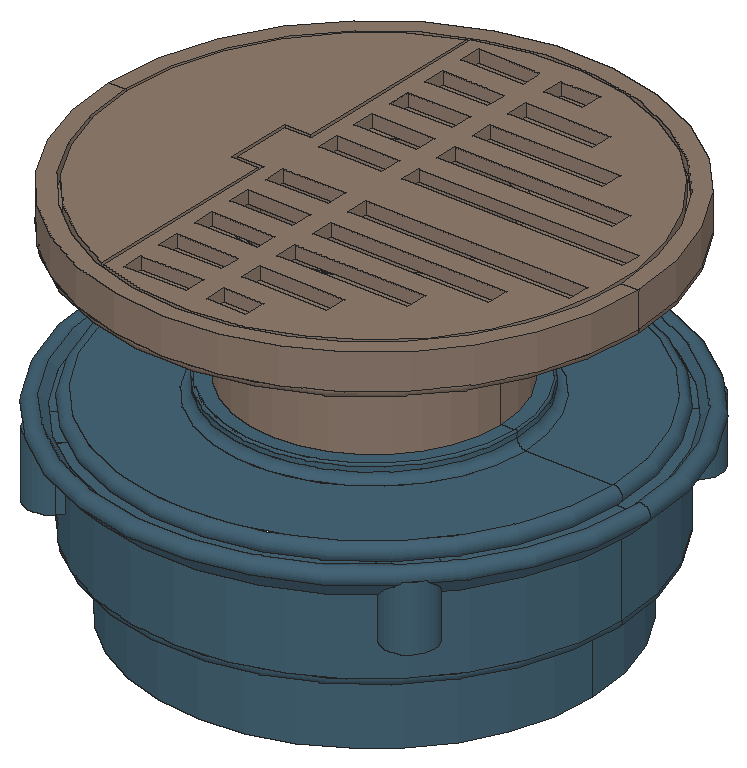
Revit family "Drain_Floor_Round-Zurn-Z415C", category Plumbing Fixtures, Revit 2022
Family settings
  Round Connector Dimension = Use Radius
  Part Type = Normal
  OmniClass Number = 23.70.50.21.24.14
  OmniClass Title = Deck Waste Water Drains
  Work Plane-Based = No
  Always vertical = Yes
  Cut with Voids When Loaded = No
  Maintain Annotation Orientation = No
  Shared = No
  Room Calculation Point = No
Parameters (values of type "Load Family Type Catalog")
  Waste Connection = 1 = 1  # yes
  WFU = 0  # constant formula
  Vent Connection = 1 = 0  # no
  URL = "www.zurn.com"
  Type Comments = "ZN415C with 8 Inch Strainer and 6 Inch IP Threaded Outlet"
  Strainer Position (K') - Input [instance] = 5.000"
  Strainer Position (K') [instance] = if([Strainer Position (K') - Input] < Min. Strainer Position, Min. Strainer Position, if([Strainer Position (K') - Input] > Max. Strainer Position, Max. Strainer Position, [Strainer Position (K') - Input]))  # 2.875"
  Strainer Open Area = if([Strainer Diameter (B)] = 5.000", 8.000 in², if([Strainer Diameter (B)] = 6.000", 9.000 in², if([Strainer Diameter (B)] = 7.000", 13.000 in², if([Strainer Diameter (B)] = 8.000", 18.000 in², 18.000 in²))))  # 18.000 in²
  Strainer Material = Bronze - Zurn - Polished
  Strainer Diameter (B) = 8.000"
  Product data url = "https://bimobject.com/zurnindustries/product/Z415C"
  Product Page URL = "https://www.zurn.com/products/drainage-interceptors/floor-drains/finish-floor-drains/z415c"
  Product Installation Sheet URL = "https://files.zurn.com/care-cleaning-install-warranty-sheets/fd15-(1).pdf"
  Product Documentation Link = "https://files.zurn.com/spec-sheets/z415c.pdf"
  Pipe Size 'A' (Outer Radius) = [Pipe Size 'A' (Outer Diameter)] / 2  # 3.3125"
  Pipe Size 'A' (Outer Diameter) = 6.625"
  Pipe Size 'A' (Nominal Radius) = [Pipe Size 'A' (Nominal Diameter)] / 2  # 3.000"
  Pipe Size 'A' (Nominal Diameter) = 6.000"
  Pipe Size 'A' (Inner Radius) = [Pipe Size 'A' (Inner Diameter)] / 2  # 3.0325"
  Pipe Size 'A' (Inner Diameter) = 6.065"
  Modified Date = "12/05/2025"  # constant formula
  Model = "ZN415C"
  Min. Strainer Position [instance] = if([Strainer Diameter (B)] = 5.000", 1.000", if([Strainer Diameter (B)] = 6.000", 1.000", if([Strainer Diameter (B)] = 7.000", 1.000", if([Strainer Diameter (B)] = 8.000", 1.156", 1.000"))))  # 1.156"
  Max. Strainer Position [instance] = if([Strainer Diameter (B)] = 5.000", 2.250", if([Strainer Diameter (B)] = 6.000", 2.531", if([Strainer Diameter (B)] = 7.000", 2.875", if([Strainer Diameter (B)] = 8.000", 2.875", 2.250"))))  # 2.875"
  Material Main = Iron - Zurn - Cast - Painted - Blue
  Manufacurer Brand = "Zurn"  # constant formula
  Manufacturer = "Zurn Water, LLC"  # constant formula
  HWFU = 0  # constant formula
  HW Connection = 1 = 0  # no
  Grate Radius = ([Strainer Diameter (B)] - 0.600") / 2  # 3.700"
  Description = "BODY ASSEMBLY W/ “TYPE C” STRAINER"  # constant formula
  Default Elevation = 30.000"
  Date Created = "10/17/2017"  # constant formula
  CWFU = 0  # constant formula
  CW Connection = 1 = 0  # no
  Body Height (E) = 2.875"
  Assembly Code = "D2030300"
  Approx. Wt. Lbs. = if([Strainer Diameter (B)] = 5.000", 11.00 lbf, if([Strainer Diameter (B)] = 6.000", 13.00 lbf, if([Strainer Diameter (B)] = 7.000", 14.00 lbf, if(and([Strainer Diameter (B)] = 8.000", [Pipe Size 'A' (Nominal Diameter)] < 5.000"), 16.00 lbf, if(and([Strainer Diameter (B)] = 8.000", [Pipe Size 'A' (Nominal Diameter)] > 5.000"), 18.00 lbf, 18.00 lbf)))))  # 18.00 lbf
Reference planes (in)
  plane 1 "Center (Front/Back)": y = 0
  plane 2: z = 0
  plane 3 "Center (Left/Right)": x = 0
  plane 4: z = -2.875
  plane 5: z = -5.75
  plane 6: z = -4.00083
  plane 7: z = -3.3627
  plane 8: x = -1
  plane 9: x = 1
  plane 10: z = -4.6875
  plane 11: x = 2.69
  plane 12: z = -3.02327
  plane 13: z = -4.55636
  plane 14: x = 4
  plane 15: x = -4
  plane 16: y = -4
  plane 17: y = 4
  plane 18: through (0, 0, 47.24409) normal (-0.7071, 0.7071, 0)
  plane 19: through (-0.26517, 0.26517, 47.24409) normal (-0.7071, 0.7071, 0)
  plane 20: through (0.26517, -0.26517, 47.24409) normal (-0.7071, 0.7071, 0)
  plane 21: through (0, 0, 47.24409) normal (0.7071, 0.7071, 0)
  plane 22: through (2.33063, 3.06176, 47.24409) normal (0.7071, 0.7071, 0)
  plane 23: through (-2.33063, 3.06176, 47.24409) normal (0.7071, -0.7071, 0)
  plane 24: through (2.33063, -3.06176, 47.24409) normal (-0.7071, 0.7071, 0)
  plane 25: through (-2.33063, -3.06176, 47.24409) normal (-0.7071, -0.7071, 0)
  plane 26: through (-2.33063, 3.06176, 47.24409) normal (0.7071, -0.7071, 0)
  plane 27: through (0.26517, 0.26517, 47.24409) normal (0.7071, 0.7071, 0)
  plane 28: through (-0.26517, -0.26517, 47.24409) normal (0.7071, 0.7071, 0)
  plane 29: z = -0.638
  plane 30: z = -0.188
  plane 31: x = 3
  plane 32: x = -3
  plane 33: y = -3
  plane 34: y = 3
Forms (in)
  Revolve 1, solid, material "Iron - Zurn - Cast - Painted - Blue" <- "Material Main", visible <- "Waste Connection", detail levels fine
    sketch origin (0, 0, 0) x (1, 0, 0) y (0, 0, 1)
      loop
        arc (-3.75, -4.5625) -> (-3.71339, -4.65089) -> (-3.625, -4.6875) r 0.125
        line (-3.625, -4.6875) -> (-3.4375, -4.6875)
        arc (-3.4375, -4.6875) -> (-3.34911, -4.72411) -> (-3.3125, -4.8125) r 0.125
        line (-3.3125, -4.8125) -> (-3.3125, -5.75) -> (-3.0325, -5.75) -> (-3.0325, -4.5625)
        arc (-3.0325, -4.5625) -> (-3.06911, -4.47411) -> (-3.1575, -4.4375) r 0.125
        line (-3.1575, -4.4375) -> (-3.425, -4.4375)
        arc (-3.425, -4.4375) -> (-3.51339, -4.40089) -> (-3.55, -4.3125) r 0.125
        line (-3.55, -4.3125) -> (-3.55, -3.02327) -> (-3.84822, -3.02327) -> (-3.96161, -2.90988)
        arc (-3.96161, -2.90988) -> (-4.13839, -2.90988) -> (-4.13839, -3.08665) r 0.125
        line (-4.13839, -3.08665) -> (-3.86235, -3.3627) -> (-3.75, -3.3627) -> (-3.75, -4.5625)
      axis (0, -2.90988) -> (0, -5.75)
    angle from 0 to 360
  Revolve 2, solid, material "Iron - Zurn - Cast - Painted - Blue" <- "Material Main", visible <- "Waste Connection", detail levels fine
    sketch origin (0, 0, 0) x (1, 0, 0) y (0, 0, 1)
      loop
        line (-3.62457, -3.02327) -> (-2.19378, -3.02327)
        arc (-2.19378, -3.02327) -> (-2.10268, -2.98677) -> (-2.06197, -2.89746) r 0.13195
        line (-2.06197, -2.89746) -> (-2.06197, -2.74827) -> (-1.91548, -2.74827) -> (-1.91548, -2.54827) -> (-2.13293, -2.54827)
        arc (-2.13293, -2.54827) -> (-2.15503, -2.55742) -> (-2.16418, -2.57952) r 0.03125
        line (-2.16418, -2.57952) -> (-2.16418, -2.64827)
        arc (-2.16418, -2.64827) -> (-2.20079, -2.73665) -> (-2.28918, -2.77327) r 0.125
        line (-2.28918, -2.77327) -> (-3.60452, -2.77327)
        arc (-3.60452, -2.77327) -> (-3.74997, -2.8874) -> (-3.62457, -3.02327) r 0.1258
      axis (0, -2.54827) -> (0, -3.02327)
    angle from 0 to 360
  Revolve 3, solid, material "Bronze - Zurn - Polished" <- "Strainer Material", detail levels fine
    sketch origin (0, 0, 0) x (1, 0, 0) y (0, 0, 1)
      loop
        line (-3.9, -0.638) -> (-2.01548, -0.638)
        arc (-2.01548, -0.638) -> (-1.94477, -0.66729) -> (-1.91548, -0.738) r 0.1
        line (-1.91548, -0.738) -> (-1.91548, -2.875) -> (-1.72798, -2.875) -> (-1.72798, -0.313)
        arc (-1.72798, -0.313) -> (-1.76459, -0.22461) -> (-1.85298, -0.188) r 0.125
        line (-1.85298, -0.188) -> (-3.75, -0.188) -> (-3.75, 0) -> (-4, 0) -> (-4, -0.538)
        arc (-4, -0.538) -> (-3.97071, -0.60871) -> (-3.9, -0.638) r 0.1
      axis (0, 0) -> (0, -2.875)
    angle from 0 to 360
  Extrusion 4, solid, material "Iron - Zurn - Cast - Painted - Blue" <- "Material Main", detail levels fine
    sketch origin (0, 0, 0) x (1, 0, 0) y (0, 1, 0)
      loop
        line (2.43103, 2.96136) -> (1.5026, 2.03293) -> (2.03293, 1.5026) -> (2.96136, 2.43103)
        arc (2.96136, 2.43103) -> (2.96136, 2.96136) -> (2.43103, 2.96136) r 0.375
      loop
        arc (-2.43103, 2.96136) -> (-2.96136, 2.96136) -> (-2.96136, 2.43103) r 0.375
        line (-2.96136, 2.43103) -> (-2.03293, 1.5026) -> (-1.5026, 2.03293) -> (-2.43103, 2.96136)
      loop
        arc (2.43103, -2.96136) -> (2.96136, -2.96136) -> (2.96136, -2.43103) r 0.375
        line (2.96136, -2.43103) -> (2.03293, -1.5026) -> (1.5026, -2.03293) -> (2.43103, -2.96136)
      loop
        line (-2.43103, -2.96136) -> (-1.5026, -2.03293) -> (-2.03293, -1.5026) -> (-2.96136, -2.43103)
        arc (-2.96136, -2.43103) -> (-2.96136, -2.96136) -> (-2.43103, -2.96136) r 0.375
    from -3.02327 to -4.00083
Lines and regions (in)
  Masking region 1
    outline origin (0, 0, 0) x (1, 0, 0) y (0, 1, 0)
      loop
        circle (0, 0) r 4.25
  model lines, style "PlumbingFixtures", detail levels coarse+medium
    curve 1: line (0, 0, 0) -> (0, 0, -5.75)
  model lines, detail levels coarse+medium
    curve 2: line (-3, 0, -5.75) -> (3, 0, -5.75)
    curve 3: line (0, 3, -5.75) -> (0, -3, -5.75)
Dimensions and locks (in)
  "Body Height (E)": plane 4 to plane 5
  "Strainer Position (K')": level to plane 4
  locked: plane 4 to plane 6 at 1.12583
  locked: plane 4 to plane 7 at 0.4877
  locked: Revolve 1 sketch curve to plane 10 at 0.25
  locked: plane 4 to plane 12 at 0.14827
  locked: plane 13 to plane 10 at 0.13114
  locked: Revolve 3 sketch curve to Revolve 3 sketch curve at 0.1875
  "Pipe Size 'A' (Inner Radius)": plane 3 "Center (Left/Right)" to Revolve 1 sketch curve
  "Pipe Size 'A' (Outer Radius)": plane 3 "Center (Left/Right)" to Revolve 1 sketch curve
  Revolve 2 sketch curve to Revolve 2 sketch curve = 0.24871"
  locked: Revolve 2 sketch curve to Revolve 2 sketch curve at 0.475
  locked: Revolve 2 sketch curve to Revolve 2 sketch curve at 0.2
  Revolve 2 sketch curve to plane 4 to Revolve 2 sketch curve = 0.10173" locked, 0.14827" locked
  locked: Revolve 2 sketch curve to Revolve 2 sketch curve at 0.03125
  locked: plane 3 "Center (Left/Right)" to Revolve 2 sketch curve at 3.62457
  locked: plane 3 "Center (Left/Right)" to Revolve 1 sketch curve at 3.55
  equal spacing: plane 15, plane 3 "Center (Left/Right)", plane 14
  "Strainer Diameter (B)": plane 15 to plane 14
  equal spacing: plane 16, plane 1 "Center (Front/Back)", plane 17
  "Strainer Diameter (B)": plane 16 to plane 17
  locked: Revolve 1 sketch curve to Revolve 1 sketch curve at 0.2
  locked: Revolve 1 sketch curve to Revolve 1 sketch curve at 0.025
  Revolve 1 sketch curve to Revolve 1 sketch curve = 0.500"
  locked: plane 4 to plane 10 at 1.8125
  locked: plane 21 to plane 22 at 3.813
  locked: plane 23 to plane 18 at 3.813
  locked: plane 25 to plane 21 at 3.813
  locked: plane 18 to plane 24 at 3.813
  locked: plane 21 to Extrusion 4 sketch curve at 2.5
  equal spacing: plane 19, plane 18, plane 20
  locked: plane 19 to plane 20 at 0.75
  equal spacing: plane 27, plane 21, plane 28
  locked: plane 27 to plane 28 at 0.75
  equal spacing: Extrusion 4 sketch curve, plane 3 "Center (Left/Right)", Extrusion 4 sketch curve
  locked: Extrusion 4 sketch curve to Extrusion 4 sketch curve at 5.3924  (x2)
  locked: Extrusion 4 sketch curve to plane 18 at 2.5
  Extrusion 4 sketch curve to Extrusion 4 sketch curve = 5.3924"
  locked: Extrusion 4 sketch curve to plane 21 at 2.5
  locked: plane 18 to Extrusion 4 sketch curve at 2.5
  Revolve 3 sketch curve to plane 15 = 0.250"
  "Pipe Size 'A' (Nominal Radius)": plane 32 to plane 3 "Center (Left/Right)" to plane 31
  "Pipe Size 'A' (Nominal Radius)": plane 33 to plane 1 "Center (Front/Back)" to plane 34
  locked: level to plane 30 at 0.188
  locked: plane 30 to plane 29 at 0.45
  radius of Revolve 1 sketch curve = 0.125"  (x4)
  radius of Extrusion 4 sketch curve = 0.375"  (x4)
  radius of Revolve 3 sketch curve = 0.100"  (x3)
  radius of Revolve 3 sketch curve = 0.125"
  radius of Masking region 1 sketch curve = 4.250"
  locked: Revolve 1 sketch curve to Revolve 1 sketch curve (angle 45.00°)
  locked: plane 1 "Center (Front/Back)" to plane 18 (angle 45.00°)
  aligned and locked: level to plane 2
  aligned and locked: plane 10 to Revolve 1 sketch curve
  aligned and locked: Revolve 2 sketch curve to plane 3 "Center (Left/Right)"
  aligned and locked: Revolve 3 sketch curve to plane 3 "Center (Left/Right)"
  aligned and locked: Revolve 1 sketch curve to plane 5
  aligned and locked: plane 5 to curve 1
  aligned and locked: plane 3 "Center (Left/Right)" to curve 1
  aligned and locked: plane 1 "Center (Front/Back)" to curve 2
  aligned and locked: curve 3 to plane 3 "Center (Left/Right)"
  aligned and locked: Revolve 1 sketch curve to plane 3 "Center (Left/Right)"
  aligned and locked: Revolve 3 to curve 1
  aligned and locked: Revolve 1 sketch curve to plane 12
  aligned and locked: Revolve 3 sketch curve to plane 15
  aligned and locked: plane 19 to Extrusion 4 sketch curve  (x2)
  aligned and locked: Extrusion 4 sketch curve to plane 20  (x2)
  aligned and locked: plane 6 to Extrusion 4
  aligned and locked: plane 12 to Extrusion 4
  aligned and locked: Extrusion 4 sketch curve to plane 27  (x2)
  aligned and locked: plane 28 to Extrusion 4 sketch curve  (x2)
  aligned and locked: Revolve 3 sketch curve to plane 4
  aligned and locked: Revolve 3 sketch curve to plane 29
  aligned and locked: Revolve 3 sketch curve to plane 30
  aligned and locked: plane 34 to curve 3
  aligned and locked: plane 33 to curve 3
  aligned and locked: plane 31 to curve 2
  aligned and locked: plane 32 to curve 2
  aligned and locked: plane 2 to nested 1
  aligned and locked: plane 3 "Center (Left/Right)" to nested 1
  aligned and locked: plane 1 "Center (Front/Back)" to nested 1
  aligned and locked: plane 3 "Center (Left/Right)" to Masking region 1 sketch curve
  aligned and locked: plane 1 "Center (Front/Back)" to Masking region 1 sketch curve
Automatic sketch dimensions
  plane 25 to Extrusion 4 sketch curve = 0.000"
  Revolve 2 sketch curve to Revolve 2 sketch curve = 0.02005"
  Revolve 2 sketch curve to plane 4 = 0.01631"
  Revolve 2 sketch curve to Revolve 2 sketch curve = 0.0954"
  Revolve 2 sketch curve to Revolve 2 sketch curve = 0.125"
  Revolve 2 sketch curve to Revolve 2 sketch curve = 0.10221"
  plane 5 to Revolve 2 sketch curve = 0.00083"
  level to Revolve 2 sketch curve = 0.620"
  Revolve 3 sketch curve to level = 0.000"
  Revolve 3 sketch curve to level = 0.4266"
  level to Revolve 3 sketch curve = 4.6284"
  plane 8 to Revolve 2 sketch curve = 1.28918"
  plane 8 to Revolve 3 sketch curve = 1.01548"
  Revolve 1 sketch curve to plane 7 = 0.000"
  Revolve 1 sketch curve to plane 4 = 0.03488"
  plane 13 to Revolve 1 sketch curve = 0.00614"
  Revolve 1 sketch curve to plane 5 = 8.84821"
  level to Revolve 1 sketch curve = 87.17776"
Nested families (in)
  nested 1: "Grate_Z415C" at (0, 0, 0), Strainer Diameter (B) <- "Strainer Diameter (B)", Strainer Material <- "Strainer Material", type "Z415C_Grate"
    with Strainer Material Bronze - Zurn - Polished, Strainer Diameter (B) 8.000", Grate Radius 3.700"
Connectors (in)
  piping at (0, 0, -5.75), diameter 6, driven by "Pipe Size 'A' (Nominal Radius)", driven by "Waste Connection", driven by "Waste Connection"
    settings: on Revolve 1, index 1, connector inside diameter 24", connector length 0.000", flow factor 0, pipe flow 0.0 L/s, pressure drop 0.0 Pa, fitting loss kfactor 0, connector angle 0.00°, fixture units 0, engagement length 0.000", angle of deflection 0.00°, flow configuration 0, flow direction 2, fitting loss method 0, system type 16, joint type 0, gender type 0, connector reference index -1, connector utility 1, adjustable connector yes, is connector primary yes, connector description "Sanitary Outlet"
Definition of nested family "Grate_Z415C"
  Parameters (values of type "Z415C_Grate")
    Waste Connection = 1 = 1  # yes
    WFU = 0  # constant formula
    Vent Connection = 1 = 0  # no
    URL = "www.zurn.com"
    Type Comments = ""
    Strainer Material [instance] = none
    Strainer Diameter (B) [instance] = 5.000"
    Product data url = ""
    Product Page URL = ""
    Product Installation Sheet URL = ""
    Product Documentation Link = ""
    Modified Date = ""
    Model = ""
    Manufacurer Brand = "Zurn"  # constant formula
    Manufacturer = "Zurn Water, LLC"  # constant formula
    HWFU = 0  # constant formula
    HW Connection = 1 = 0  # no
    Grate Radius [instance] = ([Strainer Diameter (B)] - 0.600") / 2  # 2.200"
    Description = ""
    Default Elevation = 20.000"
    Date Created = ""
    CWFU = 0  # constant formula
    CW Connection = 1 = 0  # no
    Assembly Code = "D2030300"
  Reference planes (in)
    plane 1 "Center (Front/Back)": y = 0
    plane 2: z = 0
    plane 3 "Center (Left/Right)": x = 0
    plane 4: z = -2.25
    plane 5: z = -4.688
    plane 6: z = -3.37583
    plane 7: z = -2.7377
    plane 8: x = -1
    plane 9: x = 1
    plane 10: z = -4.0625
    plane 11: x = 2.69
    plane 12: z = -2.39827
    plane 13: z = -3.93136
    plane 14: x = 2.5
    plane 15: x = -2.5
    plane 16: y = -2.5
    plane 17: y = 2.5
    plane 18: z = -0.438
    plane 19: z = -0.188
    plane 20: x = 3
    plane 21: x = -3
    plane 22: y = -3
    plane 23: y = 3
  Forms (in)
    Extrusion 1, solid, material <- "Strainer Material", detail levels fine
      sketch origin (0, 0, 0) x (1, 0, 0) y (0, 1, 0)
        loop
          arc (-1.35, 1.7371) -> (-2.2, 0) -> (-1.35, -1.7371) r 2.2
          line (-1.35, -1.7371) -> (-1.35, -0.5) -> (-1.75, -0.5) -> (-1.75, 0.5) -> (-1.35, 0.5) -> (-1.35, 1.7371)
        loop
          line (-1.3, 1.77482) -> (-1.3, 0.45) -> (-1.7, 0.45) -> (-1.7, -0.45) -> (-1.3, -0.45) -> (-1.3, -1.77482)
          arc (-1.3, -1.77482) -> (2.2, 0) -> (-1.3, 1.77482) r 2.2
        loop
          line (-1.1, 1.85) -> (-1.1, 1.665) -> (-0.15, 1.665) -> (-0.15, 1.85) -> (-1.1, 1.85)
        loop
          line (0.15, 1.85) -> (0.15, 1.665) -> (0.75, 1.665) -> (0.75, 1.85) -> (0.15, 1.85)
        loop
          line (-1.1, 1.48) -> (-1.1, 1.295) -> (-0.15, 1.295) -> (-0.15, 1.48) -> (-1.1, 1.48)
        loop
          line (0.15, 1.48) -> (0.15, 1.295) -> (1.0625, 1.295) -> (1.0625, 1.48) -> (0.15, 1.48)
        loop
          line (-1.1, 1.11) -> (-1.1, 0.925) -> (-0.15, 0.925) -> (-0.15, 1.11) -> (-1.1, 1.11)
        loop
          line (0.15, 1.11) -> (0.15, 0.925) -> (1.375, 0.925) -> (1.375, 1.11) -> (0.15, 1.11)
        loop
          line (-1.1, 0.74) -> (-1.1, 0.555) -> (-0.15, 0.555) -> (-0.15, 0.74) -> (-1.1, 0.74)
        loop
          line (0.15, 0.74) -> (0.15, 0.555) -> (1.6875, 0.555) -> (1.6875, 0.74) -> (0.15, 0.74)
        loop
          line (-1.1, 0.37) -> (-1.1, 0.185) -> (-0.15, 0.185) -> (-0.15, 0.37) -> (-1.1, 0.37)
        loop
          line (0.15, 0.37) -> (0.15, 0.185) -> (2, 0.185) -> (2, 0.37) -> (0.15, 0.37)
        loop
          line (-1.1, -1.85) -> (-0.15, -1.85) -> (-0.15, -1.665) -> (-1.1, -1.665) -> (-1.1, -1.85)
        loop
          line (0.15, -1.85) -> (0.75, -1.85) -> (0.75, -1.665) -> (0.15, -1.665) -> (0.15, -1.85)
        loop
          line (-1.1, -1.48) -> (-0.15, -1.48) -> (-0.15, -1.295) -> (-1.1, -1.295) -> (-1.1, -1.48)
        loop
          line (0.15, -1.48) -> (1.0625, -1.48) -> (1.0625, -1.295) -> (0.15, -1.295) -> (0.15, -1.48)
        loop
          line (-1.1, -1.11) -> (-0.15, -1.11) -> (-0.15, -0.925) -> (-1.1, -0.925) -> (-1.1, -1.11)
        loop
          line (0.15, -1.11) -> (1.375, -1.11) -> (1.375, -0.925) -> (0.15, -0.925) -> (0.15, -1.11)
        loop
          line (-1.1, -0.74) -> (-0.15, -0.74) -> (-0.15, -0.555) -> (-1.1, -0.555) -> (-1.1, -0.74)
        loop
          line (0.15, -0.74) -> (1.6875, -0.74) -> (1.6875, -0.555) -> (0.15, -0.555) -> (0.15, -0.74)
        loop
          line (-1.1, -0.37) -> (-0.15, -0.37) -> (-0.15, -0.185) -> (-1.1, -0.185) -> (-1.1, -0.37)
        loop
          line (0.15, -0.37) -> (2, -0.37) -> (2, -0.185) -> (0.15, -0.185) -> (0.15, -0.37)
      from 0 to -0.188
  Lines and regions (in)
    model lines, detail levels coarse+medium
      curve 1: circle (0, 0, 0) r 2.5 normal (0, 0, 1)
      curve 2: circle (0, 0, 0) r 2.2 normal (0, 0, 1)
      curve 3: line (-0.96921, 1.975, 0) -> (0.96921, 1.975, 0)
      curve 4: line (-0.96921, -1.975, 0) -> (0.96921, -1.975, 0)
      curve 5: line (-1.68816, 1.41071, 0) -> (1.68816, 1.41071, 0)
      curve 6: line (-2.03065, 0.84643, 0) -> (2.03065, 0.84643, 0)
      curve 7: line (-2.18183, 0.28214, 0) -> (2.18183, 0.28214, 0)
      curve 8: line (-1.68816, -1.41071, 0) -> (1.68816, -1.41071, 0)
      curve 9: line (-2.03065, -0.84643, 0) -> (2.03065, -0.84643, 0)
      curve 10: line (-2.18183, -0.28214, 0) -> (2.18183, -0.28214, 0)
  Dimensions and locks (in)
    plane 4 to plane 5 = 2.438"
    locked: level to plane 4 at 2.25
    locked: plane 4 to plane 6 at 1.12583
    locked: plane 4 to plane 7 at 0.4877
    locked: plane 4 to plane 12 at 0.14827
    locked: plane 13 to plane 10 at 0.13114
    equal spacing: plane 15, plane 3 "Center (Left/Right)", plane 14
    "Strainer Diameter (B)": plane 15 to plane 14
    equal spacing: plane 16, plane 1 "Center (Front/Back)", plane 17
    "Strainer Diameter (B)": plane 16 to plane 17
    locked: plane 4 to plane 10 at 1.8125
    plane 21 to plane 3 "Center (Left/Right)" to plane 20 = 3.000" locked, 3.000" locked
    plane 22 to plane 1 "Center (Front/Back)" to plane 23 = 3.000" locked, 3.000" locked
    locked: level to plane 19 at 0.188
    locked: plane 19 to plane 18 at 0.25
    equal spacing: Extrusion 1 sketch curve, plane 1 "Center (Front/Back)", Extrusion 1 sketch curve
    locked: Extrusion 1 sketch curve to Extrusion 1 sketch curve at 1
    locked: Extrusion 1 sketch curve to Extrusion 1 sketch curve at 0.05  (x4)
    locked: Extrusion 1 sketch curve to Extrusion 1 sketch curve at 0.4
    locked: Extrusion 1 sketch curve to plane 3 "Center (Left/Right)" at 0.15
    locked: Extrusion 1 sketch curve to Extrusion 1 sketch curve at 0.6
    locked: plane 3 "Center (Left/Right)" to Extrusion 1 sketch curve at 0.15  (x2)
    equal spacing: Extrusion 1 sketch curve, Extrusion 1 sketch curve, Extrusion 1 sketch curve, Extrusion 1 sketch curve, Extrusion 1 sketch curve  (x2)
    locked: Extrusion 1 sketch curve to plane 17 at 0.65
    equal spacing: plane 1 "Center (Front/Back)", Extrusion 1 sketch curve, Extrusion 1 sketch curve, Extrusion 1 sketch curve, Extrusion 1 sketch curve, Extrusion 1 sketch curve, Extrusion 1 sketch curve, Extrusion 1 sketch curve, Extrusion 1 sketch curve, Extrusion 1 sketch curve, Extrusion 1 sketch curve
    locked: Extrusion 1 sketch curve to plane 14 at 0.5
    locked: Extrusion 1 sketch curve to Extrusion 1 sketch curve at 0.2
    Extrusion 1 sketch curve to plane 3 "Center (Left/Right)" = 1.750"
    equal spacing: Extrusion 1 sketch curve, Extrusion 1 sketch curve, Extrusion 1 sketch curve, Extrusion 1 sketch curve, Extrusion 1 sketch curve, Extrusion 1 sketch curve, Extrusion 1 sketch curve, Extrusion 1 sketch curve, Extrusion 1 sketch curve, Extrusion 1 sketch curve, plane 1 "Center (Front/Back)"
    locked: plane 16 to Extrusion 1 sketch curve at 0.65
    locked: curve 3 to plane 17 at 0.525
    locked: plane 16 to curve 4 at 0.525
    equal spacing: curve 4, curve 8, curve 9, curve 10, curve 7, curve 6, curve 5, curve 3
    "Grate Radius": radius of Extrusion 1 sketch curve  (x2)
    "Strainer Diameter (B)": diameter of curve 1
    "Grate Radius": radius of curve 2
    aligned and locked: level to plane 2
    aligned and locked: Extrusion 1 sketch curve to Extrusion 1 sketch curve  (x41)
    aligned and locked: Extrusion 1 to level
    aligned and locked: plane 1 "Center (Front/Back)" to Extrusion 1 sketch curve  (x2)
    aligned and locked: plane 3 "Center (Left/Right)" to Extrusion 1 sketch curve  (x2)
    aligned and locked: plane 3 "Center (Left/Right)" to curve 1
    aligned and locked: plane 1 "Center (Front/Back)" to curve 1
    aligned and locked: plane 3 "Center (Left/Right)" to curve 2
    aligned and locked: plane 1 "Center (Front/Back)" to curve 2
  Automatic sketch dimensions
    Extrusion 1 sketch curve to plane 3 "Center (Left/Right)" = 0.150"
    plane 3 "Center (Left/Right)" to Extrusion 1 sketch curve = 0.150"  (x8)
Types in the file's own list only (80): name | Type Comments | Strainer Open Area | Strainer Material | Strainer Diameter (B) | Pipe Size 'A' (Outer Radius) | Pipe Size 'A' (Outer Diameter) | Pipe Size 'A' (Nominal Radius) | Pipe Size 'A' (Nominal Diameter) | Pipe Size 'A' (Inner Radius) | Pipe Size 'A' (Inner Diameter) | Model | Grate Radius | Default Elevation | Body Height (E) | Approx. Wt. Lbs.
  ZN415C-2IC-5B | "ZN415C with 5 Inch Strainer and 2 Inch IC Threaed Outlet" | 8.000 in² | Bronze - Zurn - Polished Nickel | 5.000 " | 1.188 " | 2.375 " | 1.000 " | 2.000 " | 1.034 " | 2.067 " | "ZN415C" | 2.200 " | 30.000 " | 4.188 " | 11.00 lb
  ZN415C-2IC-6B | "ZN415C with 6 Inch Strainer and 2 Inch IC Threaed Outlet" | 9.000 in² | Bronze - Zurn - Polished Nickel | 6.000 " | 1.188 " | 2.375 " | 1.000 " | 2.000 " | 1.034 " | 2.067 " | "ZN415C" | 2.700 " | 30.000 " | 4.188 " | 13.00 lb
  ZN415C-2IC-7B | "ZN415C with 7 Inch Strainer and 2 Inch IC Threaed Outlet" | 13.000 in² | Bronze - Zurn - Polished Nickel | 7.000 " | 1.188 " | 2.375 " | 1.000 " | 2.000 " | 1.034 " | 2.067 " | "ZN415C" | 3.200 " | 30.000 " | 4.188 " | 14.00 lb
  ZN415C-3IC-5B | "ZN415C with 5 Inch Strainer and 3 Inch IC Threaded Outlet" | 8.000 in² | Bronze - Zurn - Polished Nickel | 5.000 " | 1.750 " | 3.500 " | 1.500 " | 3.000 " | 1.513 " | 3.026 " | "ZN415C" | 2.200 " | 30.000 " | 4.188 " | 11.00 lb
  ZN415C-3IC-6B | "ZN415C with 6 Inch Strainer and 3 Inch IC Threaded Outlet" | 9.000 in² | Bronze - Zurn - Polished Nickel | 6.000 " | 1.750 " | 3.500 " | 1.500 " | 3.000 " | 1.513 " | 3.026 " | "ZN415C" | 2.700 " | 30.000 " | 4.188 " | 13.00 lb
  ZN415C-3IC-7B | "ZN415C with 7 Inch Strainer and 3 Inch IC Threaded Outlet" | 13.000 in² | Bronze - Zurn - Polished Nickel | 7.000 " | 1.750 " | 3.500 " | 1.500 " | 3.000 " | 1.513 " | 3.026 " | "ZN415C" | 3.200 " | 30.000 " | 4.188 " | 14.00 lb
  ZN415C-3IC-8B | "ZN415C with 8 Inch Strainer and 3 Inch IC Threaded Outlet" | 18.000 in² | Bronze - Zurn - Polished Nickel | 8.000 " | 1.750 " | 3.500 " | 1.500 " | 3.000 " | 1.513 " | 3.026 " | "ZN415C" | 3.700 " | 30.000 " | 4.188 " | 16.00 lb
  ZN415C-4IC-6B | "ZN415C with 6 Inch Strainer and 4 Inch IC Threaded Outlet" | 9.000 in² | Bronze - Zurn - Polished Nickel | 6.000 " | 2.250 " | 4.500 " | 2.000 " | 4.000 " | 2.014 " | 4.028 " | "ZN415C" | 2.700 " | 30.000 " | 4.188 " | 13.00 lb
  ZN415C-4IC-7B | "ZN415C with 7 Inch Strainer and 4 Inch IC Threaded Outlet" | 13.000 in² | Bronze - Zurn - Polished Nickel | 7.000 " | 2.250 " | 4.500 " | 2.000 " | 4.000 " | 2.014 " | 4.028 " | "ZN415C" | 3.200 " | 30.000 " | 4.188 " | 14.00 lb
  ZN415C-4IC-8B | "ZN415C with 8 Inch Strainer and 4 Inch IC Threaded Outlet" | 18.000 in² | Bronze - Zurn - Polished Nickel | 8.000 " | 2.250 " | 4.500 " | 2.000 " | 4.000 " | 2.014 " | 4.028 " | "ZN415C" | 3.700 " | 30.000 " | 4.188 " | 16.00 lb
  ZN415C-2IP-5B | "ZN415C with 5 Inch Strainer and 2 Inch IP Threaed Outlet" | 8.000 in² | Bronze - Zurn - Polished Nickel | 5.000 " | 1.188 " | 2.375 " | 1.000 " | 2.000 " | 1.034 " | 2.067 " | "ZN415C" | 2.200 " | 30.000 " | 2.438 " | 11.00 lb
  ZN415C-2IP-6B | "ZN415C with 6 Inch Strainer and 2 Inch IP Threaed Outlet" | 9.000 in² | Bronze - Zurn - Polished Nickel | 6.000 " | 1.188 " | 2.375 " | 1.000 " | 2.000 " | 1.034 " | 2.067 " | "ZN415C" | 2.700 " | 30.000 " | 2.438 " | 13.00 lb
  ZN415C-2IP-7B | "ZN415C with 7 Inch Strainer and 2 Inch IP Threaed Outlet" | 13.000 in² | Bronze - Zurn - Polished Nickel | 7.000 " | 1.188 " | 2.375 " | 1.000 " | 2.000 " | 1.034 " | 2.067 " | "ZN415C" | 3.200 " | 30.000 " | 2.438 " | 14.00 lb
  ZN415C-3IP-5B | "ZN415C with 5 Inch Strainer and 3 Inch IP Threaded Outlet" | 8.000 in² | Bronze - Zurn - Polished Nickel | 5.000 " | 1.750 " | 3.500 " | 1.500 " | 3.000 " | 1.513 " | 3.026 " | "ZN415C" | 2.200 " | 30.000 " | 2.750 " | 11.00 lb
  ZN415C-3IP-6B | "ZN415C with 6 Inch Strainer and 3 Inch IP Threaded Outlet" | 9.000 in² | Bronze - Zurn - Polished Nickel | 6.000 " | 1.750 " | 3.500 " | 1.500 " | 3.000 " | 1.513 " | 3.026 " | "ZN415C" | 2.700 " | 30.000 " | 2.750 " | 13.00 lb
  ZN415C-3IP-7B | "ZN415C with 7 Inch Strainer and 3 Inch IP Threaded Outlet" | 13.000 in² | Bronze - Zurn - Polished Nickel | 7.000 " | 1.750 " | 3.500 " | 1.500 " | 3.000 " | 1.513 " | 3.026 " | "ZN415C" | 3.200 " | 30.000 " | 2.750 " | 14.00 lb
  ZN415C-3IP-8B | "ZN415C with 8 Inch Strainer and 3 Inch IP Threaded Outlet" | 18.000 in² | Bronze - Zurn - Polished Nickel | 8.000 " | 1.750 " | 3.500 " | 1.500 " | 3.000 " | 1.513 " | 3.026 " | "ZN415C" | 3.700 " | 30.000 " | 2.750 " | 16.00 lb
  ZN415C-4IP-6B | "ZN415C with 6 Inch Strainer and 4 Inch IP Threaded Outlet" | 9.000 in² | Bronze - Zurn - Polished Nickel | 6.000 " | 2.250 " | 4.500 " | 2.000 " | 4.000 " | 2.014 " | 4.028 " | "ZN415C" | 2.700 " | 30.000 " | 2.813 " | 13.00 lb
  ZN415C-4IP-7B | "ZN415C with 7 Inch Strainer and 4 Inch IP Threaded Outlet" | 13.000 in² | Bronze - Zurn - Polished Nickel | 7.000 " | 2.250 " | 4.500 " | 2.000 " | 4.000 " | 2.014 " | 4.028 " | "ZN415C" | 3.200 " | 30.000 " | 2.813 " | 14.00 lb
  ZN415C-4IP-8B | "ZN415C with 8 Inch Strainer and 4 Inch IP Threaded Outlet" | 18.000 in² | Bronze - Zurn - Polished Nickel | 8.000 " | 2.250 " | 4.500 " | 2.000 " | 4.000 " | 2.014 " | 4.028 " | "ZN415C" | 3.700 " | 30.000 " | 2.813 " | 16.00 lb
  ZN415C-6IP-8B | "ZN415C with 8 Inch Strainer and 6 Inch IP Threaded Outlet" | 18.000 in² | Bronze - Zurn - Polished Nickel | 8.000 " | 3.313 " | 6.625 " | 3.000 " | 6.000 " | 3.033 " | 6.065 " | "ZN415C" | 3.700 " | 30.000 " | 2.875 " | 18.00 lb
  ZN415C-2NH-5B | "ZN415C with 5 Inch Strainer and 2 Inch No-Hub Outlet" | 8.000 in² | Bronze - Zurn - Polished Nickel | 5.000 " | 1.188 " | 2.375 " | 1.000 " | 2.000 " | 1.034 " | 2.067 " | "ZN415C" | 2.200 " | 30.000 " | 3.813 " | 11.00 lb
  ZN415C-2NH-6B | "ZN415C with 6 Inch Strainer and 2 Inch No-Hub Outlet" | 9.000 in² | Bronze - Zurn - Polished Nickel | 6.000 " | 1.188 " | 2.375 " | 1.000 " | 2.000 " | 1.034 " | 2.067 " | "ZN415C" | 2.700 " | 30.000 " | 3.813 " | 13.00 lb
  ZN415C-2NH-7B | "ZN415C with 7 Inch Strainer and 2 Inch No-Hub Outlet" | 13.000 in² | Bronze - Zurn - Polished Nickel | 7.000 " | 1.188 " | 2.375 " | 1.000 " | 2.000 " | 1.034 " | 2.067 " | "ZN415C" | 3.200 " | 30.000 " | 3.813 " | 14.00 lb
  ZN415C-3NH-5B | "ZN415C with 5 Inch Strainer and 3 Inch No-Hub Outlet" | 8.000 in² | Bronze - Zurn - Polished Nickel | 5.000 " | 1.750 " | 3.500 " | 1.500 " | 3.000 " | 1.513 " | 3.026 " | "ZN415C" | 2.200 " | 30.000 " | 3.813 " | 11.00 lb
  ZN415C-3NH-6B | "ZN415C with 6 Inch Strainer and 3 Inch No-Hub Outlet" | 9.000 in² | Bronze - Zurn - Polished Nickel | 6.000 " | 1.750 " | 3.500 " | 1.500 " | 3.000 " | 1.513 " | 3.026 " | "ZN415C" | 2.700 " | 30.000 " | 3.813 " | 13.00 lb
  ZN415C-3NH-7B | "ZN415C with 7 Inch Strainer and 3 Inch No-Hub Outlet" | 13.000 in² | Bronze - Zurn - Polished Nickel | 7.000 " | 1.750 " | 3.500 " | 1.500 " | 3.000 " | 1.513 " | 3.026 " | "ZN415C" | 3.200 " | 30.000 " | 3.813 " | 14.00 lb
  ZN415C-3NH-8B | "ZN415C with 8 Inch Strainer and 3 Inch No-Hub Outlet" | 18.000 in² | Bronze - Zurn - Polished Nickel | 8.000 " | 1.750 " | 3.500 " | 1.500 " | 3.000 " | 1.513 " | 3.026 " | "ZN415C" | 3.700 " | 30.000 " | 3.813 " | 16.00 lb
  ZN415C-4NH-6B | "ZN415C with 6 Inch Strainer and 4 Inch No-Hub Outlet" | 9.000 in² | Bronze - Zurn - Polished Nickel | 6.000 " | 2.250 " | 4.500 " | 2.000 " | 4.000 " | 2.014 " | 4.028 " | "ZN415C" | 2.700 " | 30.000 " | 3.813 " | 13.00 lb
  ZN415C-4NH-7B | "ZN415C with 7 Inch Strainer and 4 Inch No-Hub Outlet" | 13.000 in² | Bronze - Zurn - Polished Nickel | 7.000 " | 2.250 " | 4.500 " | 2.000 " | 4.000 " | 2.014 " | 4.028 " | "ZN415C" | 3.200 " | 30.000 " | 3.813 " | 14.00 lb
  ZN415C-4NH-8B | "ZN415C with 8 Inch Strainer and 4 Inch No-Hub Outlet" | 18.000 in² | Bronze - Zurn - Polished Nickel | 8.000 " | 2.250 " | 4.500 " | 2.000 " | 4.000 " | 2.014 " | 4.028 " | "ZN415C" | 3.700 " | 30.000 " | 3.813 " | 16.00 lb
  ZN415C-2NL-5B | "ZN415C with 5 Inch Strainer and 2 Inch Neo-Loc Outlet" | 8.000 in² | Bronze - Zurn - Polished Nickel | 5.000 " | 1.188 " | 2.375 " | 1.000 " | 2.000 " | 1.034 " | 2.067 " | "ZN415C" | 2.200 " | 30.000 " | 3.875 " | 11.00 lb
  ZN415C-2NL-6B | "ZN415C with 6 Inch Strainer and 2 Inch Neo-Loc Outlet" | 9.000 in² | Bronze - Zurn - Polished Nickel | 6.000 " | 1.188 " | 2.375 " | 1.000 " | 2.000 " | 1.034 " | 2.067 " | "ZN415C" | 2.700 " | 30.000 " | 3.875 " | 13.00 lb
  ZN415C-2NL-7B | "ZN415C with 7 Inch Strainer and 2 Inch Neo-Loc Outlet" | 13.000 in² | Bronze - Zurn - Polished Nickel | 7.000 " | 1.188 " | 2.375 " | 1.000 " | 2.000 " | 1.034 " | 2.067 " | "ZN415C" | 3.200 " | 30.000 " | 3.875 " | 14.00 lb
  ZN415C-3NL-5B | "ZN415C with 5 Inch Strainer and 3 Inch Neo-Loc Outlet" | 8.000 in² | Bronze - Zurn - Polished Nickel | 5.000 " | 1.750 " | 3.500 " | 1.500 " | 3.000 " | 1.513 " | 3.026 " | "ZN415C" | 2.200 " | 30.000 " | 3.875 " | 11.00 lb
  ZN415C-3NL-6B | "ZN415C with 6 Inch Strainer and 3 Inch Neo-Loc Outlet" | 9.000 in² | Bronze - Zurn - Polished Nickel | 6.000 " | 1.750 " | 3.500 " | 1.500 " | 3.000 " | 1.513 " | 3.026 " | "ZN415C" | 2.700 " | 30.000 " | 3.875 " | 13.00 lb
  ZN415C-3NL-7B | "ZN415C with 7 Inch Strainer and 3 Inch Neo-Loc Outlet" | 13.000 in² | Bronze - Zurn - Polished Nickel | 7.000 " | 1.750 " | 3.500 " | 1.500 " | 3.000 " | 1.513 " | 3.026 " | "ZN415C" | 3.200 " | 30.000 " | 3.875 " | 14.00 lb
  ZN415C-3NL-8B | "ZN415C with 8 Inch Strainer and 3 Inch Neo-Loc Outlet" | 18.000 in² | Bronze - Zurn - Polished Nickel | 8.000 " | 1.750 " | 3.500 " | 1.500 " | 3.000 " | 1.513 " | 3.026 " | "ZN415C" | 3.700 " | 30.000 " | 3.875 " | 16.00 lb
  ZN415C-4NL-6B | "ZN415C with 6 Inch Strainer and 4 Inch Neo-Loc Outlet" | 9.000 in² | Bronze - Zurn - Polished Nickel | 6.000 " | 2.250 " | 4.500 " | 2.000 " | 4.000 " | 2.014 " | 4.028 " | "ZN415C" | 2.700 " | 30.000 " | 3.875 " | 13.00 lb
  ZN415C-4NL-7B | "ZN415C with 7 Inch Strainer and 4 Inch Neo-Loc Outlet" | 13.000 in² | Bronze - Zurn - Polished Nickel | 7.000 " | 2.250 " | 4.500 " | 2.000 " | 4.000 " | 2.014 " | 4.028 " | "ZN415C" | 3.200 " | 30.000 " | 3.875 " | 14.00 lb
  ZN415C-4NL-8B | "ZN415C with 8 Inch Strainer and 4 Inch Neo-Loc Outlet" | 18.000 in² | Bronze - Zurn - Polished Nickel | 8.000 " | 2.250 " | 4.500 " | 2.000 " | 4.000 " | 2.014 " | 4.028 " | "ZN415C" | 3.700 " | 30.000 " | 3.875 " | 16.00 lb
  ZB415C-2IC-5B | "ZB415C with 5 Inch Strainer and 2 Inch IC Threaed Outlet" | 8.000 in² | Bronze - Zurn - Polished | 5.000 " | 1.188 " | 2.375 " | 1.000 " | 2.000 " | 1.034 " | 2.067 " | "ZB415C" | 2.200 " | 30.000 " | 4.188 " | 11.00 lb
  ZB415C-2IC-6B | "ZB415C with 6 Inch Strainer and 2 Inch IC Threaed Outlet" | 9.000 in² | Bronze - Zurn - Polished | 6.000 " | 1.188 " | 2.375 " | 1.000 " | 2.000 " | 1.034 " | 2.067 " | "ZB415C" | 2.700 " | 30.000 " | 4.188 " | 13.00 lb
  ZB415C-2IC-7B | "ZB415C with 7 Inch Strainer and 2 Inch IC Threaed Outlet" | 13.000 in² | Bronze - Zurn - Polished | 7.000 " | 1.188 " | 2.375 " | 1.000 " | 2.000 " | 1.034 " | 2.067 " | "ZB415C" | 3.200 " | 30.000 " | 4.188 " | 14.00 lb
  ZB415C-3IC-5B | "ZB415C with 5 Inch Strainer and 3 Inch IC Threaded Outlet" | 8.000 in² | Bronze - Zurn - Polished | 5.000 " | 1.750 " | 3.500 " | 1.500 " | 3.000 " | 1.513 " | 3.026 " | "ZB415C" | 2.200 " | 30.000 " | 4.188 " | 11.00 lb
  ZB415C-3IC-6B | "ZB415C with 6 Inch Strainer and 3 Inch IC Threaded Outlet" | 9.000 in² | Bronze - Zurn - Polished | 6.000 " | 1.750 " | 3.500 " | 1.500 " | 3.000 " | 1.513 " | 3.026 " | "ZB415C" | 2.700 " | 30.000 " | 4.188 " | 13.00 lb
  ZB415C-3IC-7B | "ZB415C with 7 Inch Strainer and 3 Inch IC Threaded Outlet" | 13.000 in² | Bronze - Zurn - Polished | 7.000 " | 1.750 " | 3.500 " | 1.500 " | 3.000 " | 1.513 " | 3.026 " | "ZB415C" | 3.200 " | 30.000 " | 4.188 " | 14.00 lb
  ZB415C-3IC-8B | "ZB415C with 8 Inch Strainer and 3 Inch IC Threaded Outlet" | 18.000 in² | Bronze - Zurn - Polished | 8.000 " | 1.750 " | 3.500 " | 1.500 " | 3.000 " | 1.513 " | 3.026 " | "ZB415C" | 3.700 " | 30.000 " | 4.188 " | 16.00 lb
  ZB415C-4IC-6B | "ZB415C with 6 Inch Strainer and 4 Inch IC Threaded Outlet" | 9.000 in² | Bronze - Zurn - Polished | 6.000 " | 2.250 " | 4.500 " | 2.000 " | 4.000 " | 2.014 " | 4.028 " | "ZB415C" | 2.700 " | 30.000 " | 4.188 " | 13.00 lb
  ZB415C-4IC-7B | "ZB415C with 7 Inch Strainer and 4 Inch IC Threaded Outlet" | 13.000 in² | Bronze - Zurn - Polished | 7.000 " | 2.250 " | 4.500 " | 2.000 " | 4.000 " | 2.014 " | 4.028 " | "ZB415C" | 3.200 " | 30.000 " | 4.188 " | 14.00 lb
  ZB415C-4IC-8B | "ZB415C with 8 Inch Strainer and 4 Inch IC Threaded Outlet" | 18.000 in² | Bronze - Zurn - Polished | 8.000 " | 2.250 " | 4.500 " | 2.000 " | 4.000 " | 2.014 " | 4.028 " | "ZB415C" | 3.700 " | 30.000 " | 4.188 " | 16.00 lb
  ZB415C-2IP-5B | "ZB415C with 5 Inch Strainer and 2 Inch IP Threaed Outlet" | 8.000 in² | Bronze - Zurn - Polished | 5.000 " | 1.188 " | 2.375 " | 1.000 " | 2.000 " | 1.034 " | 2.067 " | "ZB415C" | 2.200 " | 30.000 " | 2.438 " | 11.00 lb
  ZB415C-2IP-6B | "ZB415C with 6 Inch Strainer and 2 Inch IP Threaed Outlet" | 9.000 in² | Bronze - Zurn - Polished | 6.000 " | 1.188 " | 2.375 " | 1.000 " | 2.000 " | 1.034 " | 2.067 " | "ZB415C" | 2.700 " | 30.000 " | 2.438 " | 13.00 lb
  ZB415C-2IP-7B | "ZB415C with 7 Inch Strainer and 2 Inch IP Threaed Outlet" | 13.000 in² | Bronze - Zurn - Polished | 7.000 " | 1.188 " | 2.375 " | 1.000 " | 2.000 " | 1.034 " | 2.067 " | "ZB415C" | 3.200 " | 30.000 " | 2.438 " | 14.00 lb
  ZB415C-3IP-5B | "ZB415C with 5 Inch Strainer and 3 Inch IP Threaded Outlet" | 8.000 in² | Bronze - Zurn - Polished | 5.000 " | 1.750 " | 3.500 " | 1.500 " | 3.000 " | 1.513 " | 3.026 " | "ZB415C" | 2.200 " | 30.000 " | 2.750 " | 11.00 lb
  ZB415C-3IP-6B | "ZB415C with 6 Inch Strainer and 3 Inch IP Threaded Outlet" | 9.000 in² | Bronze - Zurn - Polished | 6.000 " | 1.750 " | 3.500 " | 1.500 " | 3.000 " | 1.513 " | 3.026 " | "ZB415C" | 2.700 " | 30.000 " | 2.750 " | 13.00 lb
  ZB415C-3IP-7B | "ZB415C with 7 Inch Strainer and 3 Inch IP Threaded Outlet" | 13.000 in² | Bronze - Zurn - Polished | 7.000 " | 1.750 " | 3.500 " | 1.500 " | 3.000 " | 1.513 " | 3.026 " | "ZB415C" | 3.200 " | 30.000 " | 2.750 " | 14.00 lb
  ZB415C-3IP-8B | "ZB415C with 8 Inch Strainer and 3 Inch IP Threaded Outlet" | 18.000 in² | Bronze - Zurn - Polished | 8.000 " | 1.750 " | 3.500 " | 1.500 " | 3.000 " | 1.513 " | 3.026 " | "ZB415C" | 3.700 " | 30.000 " | 2.750 " | 16.00 lb
  ZB415C-4IP-6B | "ZB415C with 6 Inch Strainer and 4 Inch IP Threaded Outlet" | 9.000 in² | Bronze - Zurn - Polished | 6.000 " | 2.250 " | 4.500 " | 2.000 " | 4.000 " | 2.014 " | 4.028 " | "ZB415C" | 2.700 " | 30.000 " | 2.813 " | 13.00 lb
  ZB415C-4IP-7B | "ZB415C with 7 Inch Strainer and 4 Inch IP Threaded Outlet" | 13.000 in² | Bronze - Zurn - Polished | 7.000 " | 2.250 " | 4.500 " | 2.000 " | 4.000 " | 2.014 " | 4.028 " | "ZB415C" | 3.200 " | 30.000 " | 2.813 " | 14.00 lb
  ZB415C-4IP-8B | "ZB415C with 8 Inch Strainer and 4 Inch IP Threaded Outlet" | 18.000 in² | Bronze - Zurn - Polished | 8.000 " | 2.250 " | 4.500 " | 2.000 " | 4.000 " | 2.014 " | 4.028 " | "ZB415C" | 3.700 " | 30.000 " | 2.813 " | 16.00 lb
  ZB415C-6IP-8B | "ZB415C with 8 Inch Strainer and 6 Inch IP Threaded Outlet" | 18.000 in² | Bronze - Zurn - Polished | 8.000 " | 3.313 " | 6.625 " | 3.000 " | 6.000 " | 3.033 " | 6.065 " | "ZB415C" | 3.700 " | 30.000 " | 2.875 " | 18.00 lb
  ZB415C-2NH-7B | "ZB415C with 7 Inch Strainer and 2 Inch No-Hub Outlet" | 13.000 in² | Bronze - Zurn - Polished | 7.000 " | 1.188 " | 2.375 " | 1.000 " | 2.000 " | 1.034 " | 2.067 " | "ZB415C" | 3.200 " | 30.000 " | 3.813 " | 14.00 lb
  ZB415C-3NH-5B | "ZB415C with 5 Inch Strainer and 3 Inch No-Hub Outlet" | 8.000 in² | Bronze - Zurn - Polished | 5.000 " | 1.750 " | 3.500 " | 1.500 " | 3.000 " | 1.513 " | 3.026 " | "ZB415C" | 2.200 " | 30.000 " | 3.813 " | 11.00 lb
  ZB415C-3NH-6B | "ZB415C with 6 Inch Strainer and 3 Inch No-Hub Outlet" | 9.000 in² | Bronze - Zurn - Polished | 6.000 " | 1.750 " | 3.500 " | 1.500 " | 3.000 " | 1.513 " | 3.026 " | "ZB415C" | 2.700 " | 30.000 " | 3.813 " | 13.00 lb
  ZB415C-3NH-7B | "ZB415C with 7 Inch Strainer and 3 Inch No-Hub Outlet" | 13.000 in² | Bronze - Zurn - Polished | 7.000 " | 1.750 " | 3.500 " | 1.500 " | 3.000 " | 1.513 " | 3.026 " | "ZB415C" | 3.200 " | 30.000 " | 3.813 " | 14.00 lb
  ZB415C-3NH-8B | "ZB415C with 8 Inch Strainer and 3 Inch No-Hub Outlet" | 18.000 in² | Bronze - Zurn - Polished | 8.000 " | 1.750 " | 3.500 " | 1.500 " | 3.000 " | 1.513 " | 3.026 " | "ZB415C" | 3.700 " | 30.000 " | 3.813 " | 16.00 lb
  ZB415C-4NH-6B | "ZB415C with 6 Inch Strainer and 4 Inch No-Hub Outlet" | 9.000 in² | Bronze - Zurn - Polished | 6.000 " | 2.250 " | 4.500 " | 2.000 " | 4.000 " | 2.014 " | 4.028 " | "ZB415C" | 2.700 " | 30.000 " | 3.813 " | 13.00 lb
  ZB415C-4NH-7B | "ZB415C with 7 Inch Strainer and 4 Inch No-Hub Outlet" | 13.000 in² | Bronze - Zurn - Polished | 7.000 " | 2.250 " | 4.500 " | 2.000 " | 4.000 " | 2.014 " | 4.028 " | "ZB415C" | 3.200 " | 30.000 " | 3.813 " | 14.00 lb
  ZB415C-4NH-8B | "ZB415C with 8 Inch Strainer and 4 Inch No-Hub Outlet" | 18.000 in² | Bronze - Zurn - Polished | 8.000 " | 2.250 " | 4.500 " | 2.000 " | 4.000 " | 2.014 " | 4.028 " | "ZB415C" | 3.700 " | 30.000 " | 3.813 " | 16.00 lb
  ZB415C-2NL-5B | "ZB415C with 5 Inch Strainer and 2 Inch Neo-Loc Outlet" | 8.000 in² | Bronze - Zurn - Polished | 5.000 " | 1.188 " | 2.375 " | 1.000 " | 2.000 " | 1.034 " | 2.067 " | "ZB415C" | 2.200 " | 30.000 " | 3.875 " | 11.00 lb
  ZB415C-2NL-6B | "ZB415C with 6 Inch Strainer and 2 Inch Neo-Loc Outlet" | 9.000 in² | Bronze - Zurn - Polished | 6.000 " | 1.188 " | 2.375 " | 1.000 " | 2.000 " | 1.034 " | 2.067 " | "ZB415C" | 2.700 " | 30.000 " | 3.875 " | 13.00 lb
  ZB415C-2NL-7B | "ZB415C with 7 Inch Strainer and 2 Inch Neo-Loc Outlet" | 13.000 in² | Bronze - Zurn - Polished | 7.000 " | 1.188 " | 2.375 " | 1.000 " | 2.000 " | 1.034 " | 2.067 " | "ZB415C" | 3.200 " | 30.000 " | 3.875 " | 14.00 lb
  ZB415C-3NL-5B | "ZB415C with 5 Inch Strainer and 3 Inch Neo-Loc Outlet" | 8.000 in² | Bronze - Zurn - Polished | 5.000 " | 1.750 " | 3.500 " | 1.500 " | 3.000 " | 1.513 " | 3.026 " | "ZB415C" | 2.200 " | 30.000 " | 3.875 " | 11.00 lb
  ZB415C-3NL-6B | "ZB415C with 6 Inch Strainer and 3 Inch Neo-Loc Outlet" | 9.000 in² | Bronze - Zurn - Polished | 6.000 " | 1.750 " | 3.500 " | 1.500 " | 3.000 " | 1.513 " | 3.026 " | "ZB415C" | 2.700 " | 30.000 " | 3.875 " | 13.00 lb
  ZB415C-3NL-7B | "ZB415C with 7 Inch Strainer and 3 Inch Neo-Loc Outlet" | 13.000 in² | Bronze - Zurn - Polished | 7.000 " | 1.750 " | 3.500 " | 1.500 " | 3.000 " | 1.513 " | 3.026 " | "ZB415C" | 3.200 " | 30.000 " | 3.875 " | 14.00 lb
  ZB415C-3NL-8B | "ZB415C with 8 Inch Strainer and 3 Inch Neo-Loc Outlet" | 18.000 in² | Bronze - Zurn - Polished | 8.000 " | 1.750 " | 3.500 " | 1.500 " | 3.000 " | 1.513 " | 3.026 " | "ZB415C" | 3.700 " | 30.000 " | 3.875 " | 16.00 lb
  ZB415C-4NL-6B | "ZB415C with 6 Inch Strainer and 4 Inch Neo-Loc Outlet" | 9.000 in² | Bronze - Zurn - Polished | 6.000 " | 2.250 " | 4.500 " | 2.000 " | 4.000 " | 2.014 " | 4.028 " | "ZB415C" | 2.700 " | 30.000 " | 3.875 " | 13.00 lb
  ZB415C-4NL-7B | "ZB415C with 7 Inch Strainer and 4 Inch Neo-Loc Outlet" | 13.000 in² | Bronze - Zurn - Polished | 7.000 " | 2.250 " | 4.500 " | 2.000 " | 4.000 " | 2.014 " | 4.028 " | "ZB415C" | 3.200 " | 30.000 " | 3.875 " | 14.00 lb
  ZB415C-4NL-8B | "ZB415C with 8 Inch Strainer and 4 Inch Neo-Loc Outlet" | 18.000 in² | Bronze - Zurn - Polished | 8.000 " | 2.250 " | 4.500 " | 2.000 " | 4.000 " | 2.014 " | 4.028 " | "ZB415C" | 3.700 " | 30.000 " | 3.875 " | 16.00 lb
